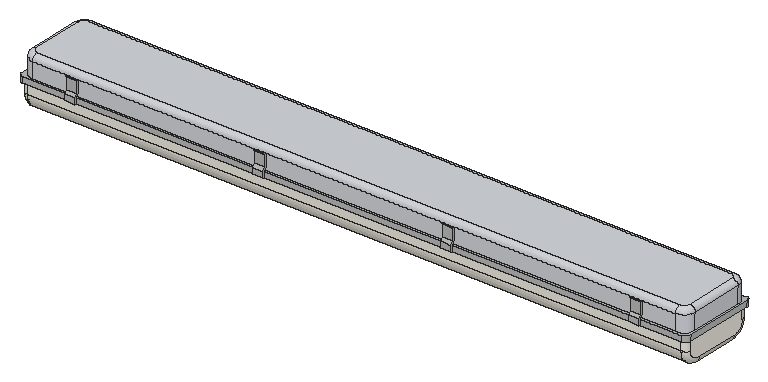
Revit family "АЙСБЕРГ", category Осветительные приборы, Revit 2019 (continued)
Types (8, lengths in mm): name | Файл фотометрической сетки | built-in parameter 1150105 | Lumens | built-in parameter 1150106 | built-in parameter 1150142 | Wattage | ADSK_Ток | ADSK_Полная мощность | ADSK_Обозначение | ADSK_Номинальная мощность | ADSK_Наименование | ADSK_Код изделия
  CSVT Айсберг-38  (IP65, 5000К ) c БАП на 1 час. | "CSVT Iceberg-38.ies" | 358.1 (stored number, unit not read) | 4500 lm | 3.581 (stored number, unit not read) | "IESNA:LM-63-95\r\n[TEST] Протокол № 50\r\n[DATA] 17.06.2016\r\n[MORE] \r\n[MANUFAC] ЗАО \"Центрстройсвет\"\r\n[LUMCAT]  Светильник OPERLUX-34/PRISMA-(588x588) \r\n[LUMINAIRE]\r\n[LAMPCAT] Светодиоды\r\n[LAMP] Поток источника света (светодиодов) не известен\r\n[MORE] КСС приведена в абсолютных величинах кд\r\n[MORE] Вместо потока лампы, указан поток светильника.\r\nTILT=NONE\r\n1    3050 1.0 37 73 1 2 0.588 0.588 0.08\r\n1.0 1.0 34\r\n0.0 5.0 10.0 15.0 20.0 25.0 30.0 35.0 40.0 45.0 50.0 55.0 60.0 65.0 70.0 75.0 80.0 85.0 90.0 95.0 100.0 105.0 110.0 115.0 120.0 125.0 130.0 135.0 140.0 145.0 150.0 155.0 160.0 165.0 170.0 175.0 180.0\r\n0.0 5.0 10.0 15.0 20.0 25.0 30.0 35.0 40.0 45.0 50.0 55.0 60.0 65.0 70.0 75.0 80.0 85.0 90.0 95.0 100.0 105.0 110.0 115.0 120.0 125.0 130.0 135.0 140.0 145.0 150.0 155.0 160.0 165.0 170.0 175.0 180.0 185.0 190.0 195.0 200.0 205.0 210.0 215.0 220.0 225.0 230.0 235.0 240.0 245.0 250.0 255.0 260.0 265.0 270.0 275.0 280.0 285.0 290.0 295.0 300.0 305.0 310.0 315.0 320.0 325.0 330.0 335.0 340.0 345.0 350.0 355.0 360.0\r\n1367.8 1364.1 1339.9 1310.7 1251.0 1171.4 1077.9 956.5 826.9 709.2 591.4 468.7 352.2 267.2 190.7 130.0 88.6 43.5 5.5 0.0 0.0 0.0 0.0 0.0 0.0 0.0 0.0 0.0 0.0 0.0 0.0 0.0 0.0 0.0 0.0 0.0 0.0\r\n1367.8 1365.7 1344.6 1309.2 1251.5 1175.2 1073.4 954.2 830.4 711.2 594.6 469.5 356.0 268.7 191.9 132.6 89.9 43.9 6.3 0.0 0.0 0.0 0.0 0.0 0.0 0.0 0.0 0.0 0.0 0.0 0.0 0.0 0.0 0.0 0.0 0.0 0.0\r\n1367.8 1367.4 1347.2 1302.8 1251.5 1178.6 1078.4 958.6 835.1 714.0 597.2 474.3 359.6 268.7 192.7 135.6 92.1 44.3 6.9 0.0 0.0 0.0 0.0 0.0 0.0 0.0 0.0 0.0 0.0 0.0 0.0 0.0 0.0 0.0 0.0 0.0 0.0\r\n1367.8 1368.2 1346.2 1303.1 1250.1 1177.1 1081.4 960.9 838.1 716.2 597.6 475.0 358.6 266.4 190.9 134.8 91.7 44.9 7.0 0.0 0.0 0.0 0.0 0.0 0.0 0.0 0.0 0.0 0.0 0.0 0.0 0.0 0.0 0.0 0.0 0.0 0.0\r\n1367.8 1367.7 1343.5 1306.2 1256.1 1180.0 1081.0 961.6 838.1 714.0 595.7 473.1 356.8 262.2 188.3 132.8 89.3 43.7 6.6 0.0 0.0 0.0 0.0 0.0 0.0 0.0 0.0 0.0 0.0 0.0 0.0 0.0 0.0 0.0 0.0 0.0 0.0\r\n1367.8 1366.2 1344.8 1309.0 1256.2 1184.6 1080.4 962.6 836.8 714.8 593.8 469.6 354.4 260.1 184.9 130.4 88.4 44.2 6.5 0.0 0.0 0.0 0.0 0.0 0.0 0.0 0.0 0.0 0.0 0.0 0.0 0.0 0.0 0.0 0.0 0.0 0.0\r\n1367.8 1364.3 1347.6 1312.1 1259.9 1177.4 1078.5 968.2 849.1 721.6 596.0 467.2 355.0 257.4 183.3 127.1 87.5 45.4 6.5 0.0 0.0 0.0 0.0 0.0 0.0 0.0 0.0 0.0 0.0 0.0 0.0 0.0 0.0 0.0 0.0 0.0 0.0\r\n1367.8 1363.3 1348.8 1312.0 1262.8 1181.2 1077.4 968.8 853.2 730.0 597.2 466.8 353.5 256.9 181.1 124.8 87.2 45.9 6.9 0.0 0.0 0.0 0.0 0.0 0.0 0.0 0.0 0.0 0.0 0.0 0.0 0.0 0.0 0.0 0.0 0.0 0.0\r\n1367.8 1364.0 1350.3 1308.2 1255.9 1182.2 1079.9 969.0 856.0 734.3 601.1 468.4 352.6 254.4 178.0 121.7 85.5 45.0 6.9 0.0 0.0 0.0 0.0 0.0 0.0 0.0 0.0 0.0 0.0 0.0 0.0 0.0 0.0 0.0 0.0 0.0 0.0\r\n1367.8 1364.9 1349.2 1313.0 1259.2 1178.2 1076.4 970.7 860.9 740.8 606.9 469.1 350.2 254.0 175.6 117.8 83.6 43.4 6.7 0.0 0.0 0.0 0.0 0.0 0.0 0.0 0.0 0.0 0.0 0.0 0.0 0.0 0.0 0.0 0.0 0.0 0.0\r\n1367.8 1365.0 1348.6 1315.3 1261.5 1184.1 1082.6 973.9 862.8 745.2 607.9 469.0 350.5 253.1 173.2 116.2 81.4 42.4 6.5 0.0 0.0 0.0 0.0 0.0 0.0 0.0 0.0 0.0 0.0 0.0 0.0 0.0 0.0 0.0 0.0 0.0 0.0\r\n1367.8 1364.4 1347.9 1315.3 1258.7 1186.3 1085.9 970.5 862.2 747.0 613.0 468.8 350.2 252.8 173.4 116.6 79.8 40.9 6.7 0.0 0.0 0.0 0.0 0.0 0.0 0.0 0.0 0.0 0.0 0.0 0.0 0.0 0.0 0.0 0.0 0.0 0.0\r\n1367.8 1363.4 1347.0 1308.3 1258.6 1184.3 1089.8 973.9 867.7 742.3 606.2 467.0 350.0 252.6 175.4 119.1 79.8 42.1 7.1 0.0 0.0 0.0 0.0 0.0 0.0 0.0 0.0 0.0 0.0 0.0 0.0 0.0 0.0 0.0 0.0 0.0 0.0\r\n1367.8 1362.6 1348.4 1308.2 1261.4 1190.2 1088.3 978.6 869.6 744.0 601.1 462.4 350.2 253.6 175.9 123.0 83.5 45.3 7.8 0.0 0.0 0.0 0.0 0.0 0.0 0.0 0.0 0.0 0.0 0.0 0.0 0.0 0.0 0.0 0.0 0.0 0.0\r\n1367.8 1362.3 1347.3 1311.1 1262.3 1191.1 1093.6 982.5 872.1 746.6 597.2 461.1 348.8 251.4 176.3 127.6 89.2 48.5 7.9 0.0 0.0 0.0 0.0 0.0 0.0 0.0 0.0 0.0 0.0 0.0 0.0 0.0 0.0 0.0 0.0 0.0 0.0\r\n1367.8 1362.5 1345.8 1316.1 1260.6 1190.3 1096.8 982.6 873.3 743.8 593.1 456.4 347.2 250.6 175.7 130.9 94.2 51.8 9.3 0.0 0.0 0.0 0.0 0.0 0.0 0.0 0.0 0.0 0.0 0.0 0.0 0.0 0.0 0.0 0.0 0.0 0.0\r\n1367.8 1363.2 1345.2 1315.5 1267.1 1195.5 1096.1 995.9 871.3 740.3 589.0 455.0 342.8 246.9 174.2 131.9 97.1 52.4 10.1 0.0 0.0 0.0 0.0 0.0 0.0 0.0 0.0 0.0 0.0 0.0 0.0 0.0 0.0 0.0 0.0 0.0 0.0\r\n1367.8 1364.5 1346.0 1317.2 1264.0 1194.7 1102.6 991.8 873.9 736.2 584.7 454.3 338.6 243.0 171.3 130.1 99.3 53.7 9.5 0.0 0.0 0.0 0.0 0.0 0.0 0.0 0.0 0.0 0.0 0.0 0.0 0.0 0.0 0.0 0.0 0.0 0.0\r\n1367.8 1365.9 1346.4 1317.1 1264.0 1198.2 1105.3 994.6 872.6 727.7 582.0 451.8 335.8 239.9 168.3 127.6 100.0 55.8 7.5 0.0 0.0 0.0 0.0 0.0 0.0 0.0 0.0 0.0 0.0 0.0 0.0 0.0 0.0 0.0 0.0 0.0 0.0\r\n1367.8 1366.3 1344.9 1317.5 1265.6 1200.4 1108.2 997.2 868.8 722.7 575.8 446.5 333.1 238.4 167.7 126.3 98.1 56.1 8.8 0.0 0.0 0.0 0.0 0.0 0.0 0.0 0.0 0.0 0.0 0.0 0.0 0.0 0.0 0.0 0.0 0.0 0.0\r\n1367.8 1365.9 1344.0 1313.0 1263.2 1200.6 1104.3 997.0 862.7 720.9 568.5 441.0 331.7 237.8 167.7 126.3 96.7 53.7 9.4 0.0 0.0 0.0 0.0 0.0 0.0 0.0 0.0 0.0 0.0 0.0 0.0 0.0 0.0 0.0 0.0 0.0 0.0\r\n1367.8 1365.3 1346.1 1312.6 1263.0 1198.3 1108.1 995.3 861.6 712.7 563.4 437.4 331.4 236.8 165.9 124.7 95.3 55.2 9.1 0.0 0.0 0.0 0.0 0.0 0.0 0.0 0.0 0.0 0.0 0.0 0.0 0.0 0.0 0.0 0.0 0.0 0.0\r\n1367.8 1364.9 1349.2 1313.0 1262.9 1199.0 1108.3 993.8 855.7 710.3 563.1 435.2 329.9 233.9 163.4 121.6 92.0 55.1 8.8 0.0 0.0 0.0 0.0 0.0 0.0 0.0 0.0 0.0 0.0 0.0 0.0 0.0 0.0 0.0 0.0 0.0 0.0\r\n1367.8 1364.1 1352.0 1313.2 1259.2 1197.0 1104.6 988.6 849.9 704.2 562.4 433.5 327.9 230.5 158.4 116.9 87.6 51.4 7.8 0.0 0.0 0.0 0.0 0.0 0.0 0.0 0.0 0.0 0.0 0.0 0.0 0.0 0.0 0.0 0.0 0.0 0.0\r\n1367.8 1363.0 1349.6 1313.3 1257.8 1193.2 1098.7 980.1 848.0 708.1 565.6 433.4 325.1 228.0 154.2 111.3 83.7 49.7 7.5 0.0 0.0 0.0 0.0 0.0 0.0 0.0 0.0 0.0 0.0 0.0 0.0 0.0 0.0 0.0 0.0 0.0 0.0\r\n1367.8 1361.9 1346.7 1314.1 1256.8 1193.2 1093.6 977.6 847.2 708.6 569.1 434.8 324.5 225.9 151.7 107.5 81.6 48.9 7.3 0.0 0.0 0.0 0.0 0.0 0.0 0.0 0.0 0.0 0.0 0.0 0.0 0.0 0.0 0.0 0.0 0.0 0.0\r\n1367.8 1361.2 1345.0 1309.5 1261.1 1193.3 1089.9 973.2 851.1 709.3 572.7 435.0 323.4 225.4 152.1 105.8 80.4 49.9 7.3 0.0 0.0 0.0 0.0 0.0 0.0 0.0 0.0 0.0 0.0 0.0 0.0 0.0 0.0 0.0 0.0 0.0 0.0\r\n1367.8 1360.5 1345.3 1307.2 1258.6 1186.4 1085.9 974.0 847.9 714.1 575.5 436.8 321.2 223.3 152.0 105.2 79.8 49.6 8.0 0.0 0.0 0.0 0.0 0.0 0.0 0.0 0.0 0.0 0.0 0.0 0.0 0.0 0.0 0.0 0.0 0.0 0.0\r\n1367.8 1360.0 1344.3 1308.1 1257.8 1178.2 1085.3 975.1 848.7 715.2 575.4 439.1 318.7 223.0 150.8 104.3 79.3 49.5 8.2 0.0 0.0 0.0 0.0 0.0 0.0 0.0 0.0 0.0 0.0 0.0 0.0 0.0 0.0 0.0 0.0 0.0 0.0\r\n1367.8 1360.5 1346.2 1311.6 1256.3 1174.7 1082.9 978.6 851.4 710.5 574.9 440.6 317.9 221.6 152.3 106.4 79.3 48.7 8.4 0.0 0.0 0.0 0.0 0.0 0.0 0.0 0.0 0.0 0.0 0.0 0.0 0.0 0.0 0.0 0.0 0.0 0.0\r\n1367.8 1361.9 1350.3 1309.3 1252.2 1172.6 1080.3 970.8 851.2 713.3 570.6 439.7 319.0 222.4 154.5 110.7 81.7 47.4 8.1 0.0 0.0 0.0 0.0 0.0 0.0 0.0 0.0 0.0 0.0 0.0 0.0 0.0 0.0 0.0 0.0 0.0 0.0\r\n1367.8 1363.7 1348.0 1307.6 1253.5 1171.4 1087.1 971.6 851.9 710.7 569.9 438.2 323.8 226.5 159.3 115.4 83.3 45.0 7.6 0.0 0.0 0.0 0.0 0.0 0.0 0.0 0.0 0.0 0.0 0.0 0.0 0.0 0.0 0.0 0.0 0.0 0.0\r\n1367.8 1365.3 1346.4 1312.3 1251.8 1172.7 1086.5 974.6 847.7 705.0 567.7 442.4 326.6 234.0 164.3 120.1 85.8 43.9 7.4 0.0 0.0 0.0 0.0 0.0 0.0 0.0 0.0 0.0 0.0 0.0 0.0 0.0 0.0 0.0 0.0 0.0 0.0\r\n1367.8 1366.2 1347.0 1309.1 1250.4 1170.7 1085.2 978.5 846.6 705.8 567.4 441.3 331.1 236.3 167.7 122.8 88.4 45.0 8.1 0.0 0.0 0.0 0.0 0.0 0.0 0.0 0.0 0.0 0.0 0.0 0.0 0.0 0.0 0.0 0.0 0.0 0.0\r\n1367.8 1366.0 1347.9 1306.2 1240.5 1166.7 1082.2 977.2 844.2 702.8 566.8 442.7 335.1 241.3 169.7 123.7 90.0 45.9 9.2 0.0 0.0 0.0 0.0 0.0 0.0 0.0 0.0 0.0 0.0 0.0 0.0 0.0 0.0 0.0 0.0 0.0 0.0\r\n1367.8 1364.3 1346.5 1311.7 1250.6 1170.3 1080.9 980.5 844.4 703.8 569.8 446.4 334.2 240.3 169.5 121.7 87.9 46.9 9.3 0.0 0.0 0.0 0.0 0.0 0.0 0.0 0.0 0.0 0.0 0.0 0.0 0.0 0.0 0.0 0.0 0.0 0.0\r\n1367.8 1361.6 1341.0 1307.3 1249.6 1169.2 1088.8 980.5 845.1 706.2 571.7 444.8 333.0 238.4 168.9 120.7 87.1 47.8 7.8 0.0 0.0 0.0 0.0 0.0 0.0 0.0 0.0 0.0 0.0 0.0 0.0 0.0 0.0 0.0 0.0 0.0 0.0\r\n1367.8 1359.4 1337.2 1303.3 1252.4 1170.4 1080.4 978.1 841.4 701.4 566.4 444.4 333.5 241.2 169.4 122.2 88.2 47.2 9.5 0.0 0.0 0.0 0.0 0.0 0.0 0.0 0.0 0.0 0.0 0.0 0.0 0.0 0.0 0.0 0.0 0.0 0.0\r\n1367.8 1359.3 1342.6 1310.3 1242.7 1173.0 1078.8 976.3 844.8 702.0 565.3 440.7 332.8 240.9 169.9 123.5 89.5 46.1 9.1 0.0 0.0 0.0 0.0 0.0 0.0 0.0 0.0 0.0 0.0 0.0 0.0 0.0 0.0 0.0 0.0 0.0 0.0\r\n1367.8 1361.3 1345.4 1306.4 1248.2 1167.7 1080.4 980.5 846.8 703.5 567.2 443.4 333.2 240.2 168.7 123.1 88.4 46.2 8.4 0.0 0.0 0.0 0.0 0.0 0.0 0.0 0.0 0.0 0.0 0.0 0.0 0.0 0.0 0.0 0.0 0.0 0.0\r\n1367.8 1364.4 1343.1 1308.2 1251.3 1170.9 1084.2 980.8 848.5 707.7 571.1 445.6 332.7 238.1 167.5 120.7 85.6 44.6 7.7 0.0 0.0 0.0 0.0 0.0 0.0 0.0 0.0 0.0 0.0 0.0 0.0 0.0 0.0 0.0 0.0 0.0 0.0\r\n1367.8 1366.7 1342.9 1310.2 1254.3 1176.8 1087.8 981.7 853.4 711.9 574.2 446.0 329.4 232.8 162.6 116.6 83.7 45.3 8.1 0.0 0.0 0.0 0.0 0.0 0.0 0.0 0.0 0.0 0.0 0.0 0.0 0.0 0.0 0.0 0.0 0.0 0.0\r\n1367.8 1367.7 1346.5 1310.6 1258.1 1183.1 1085.5 978.6 854.1 714.2 577.9 448.7 327.1 229.4 158.3 112.1 82.0 47.9 9.0 0.0 0.0 0.0 0.0 0.0 0.0 0.0 0.0 0.0 0.0 0.0 0.0 0.0 0.0 0.0 0.0 0.0 0.0\r\n1367.8 1367.3 1348.0 1310.6 1262.6 1180.1 1086.5 982.6 856.7 719.8 579.9 448.7 324.7 226.8 155.7 107.8 80.3 50.1 9.5 0.0 0.0 0.0 0.0 0.0 0.0 0.0 0.0 0.0 0.0 0.0 0.0 0.0 0.0 0.0 0.0 0.0 0.0\r\n1367.8 1365.6 1348.6 1309.9 1259.0 1186.0 1089.0 979.4 855.0 722.2 584.2 450.5 325.6 227.6 155.8 107.2 80.5 51.4 9.6 0.0 0.0 0.0 0.0 0.0 0.0 0.0 0.0 0.0 0.0 0.0 0.0 0.0 0.0 0.0 0.0 0.0 0.0\r\n1367.8 1363.3 1347.7 1306.8 1261.1 1190.7 1095.5 982.3 860.8 723.2 585.7 446.3 327.8 230.3 158.2 109.3 81.7 51.4 9.3 0.0 0.0 0.0 0.0 0.0 0.0 0.0 0.0 0.0 0.0 0.0 0.0 0.0 0.0 0.0 0.0 0.0 0.0\r\n1367.8 1361.0 1344.4 1306.7 1264.4 1191.7 1095.0 984.8 858.7 723.1 583.6 444.8 328.4 232.3 158.6 109.9 81.8 51.7 9.0 0.0 0.0 0.0 0.0 0.0 0.0 0.0 0.0 0.0 0.0 0.0 0.0 0.0 0.0 0.0 0.0 0.0 0.0\r\n1367.8 1359.1 1344.3 1308.4 1263.8 1198.1 1102.2 989.8 861.5 721.8 582.8 444.8 331.3 233.7 158.6 111.1 83.0 50.9 8.9 0.0 0.0 0.0 0.0 0.0 0.0 0.0 0.0 0.0 0.0 0.0 0.0 0.0 0.0 0.0 0.0 0.0 0.0\r\n1367.8 1357.8 1346.5 1313.8 1263.6 1192.7 1107.0 996.3 859.5 718.8 579.1 442.9 332.1 234.9 160.7 114.1 84.6 51.0 9.2 0.0 0.0 0.0 0.0 0.0 0.0 0.0 0.0 0.0 0.0 0.0 0.0 0.0 0.0 0.0 0.0 0.0 0.0\r\n1367.8 1357.7 1347.3 1313.2 1264.3 1198.9 1108.1 998.6 864.9 718.7 573.2 441.1 332.1 237.8 164.0 118.2 87.5 52.0 9.8 0.0 0.0 0.0 0.0 0.0 0.0 0.0 0.0 0.0 0.0 0.0 0.0 0.0 0.0 0.0 0.0 0.0 0.0\r\n1367.8 1358.5 1346.9 1313.1 1266.5 1195.6 1112.2 1002.8 870.4 722.5 574.7 443.8 335.7 239.1 166.4 121.6 91.2 55.8 10.9 0.0 0.0 0.0 0.0 0.0 0.0 0.0 0.0 0.0 0.0 0.0 0.0 0.0 0.0 0.0 0.0 0.0 0.0\r\n1367.8 1359.8 1344.7 1312.9 1269.5 1203.1 1107.5 1002.6 874.5 724.4 574.3 444.8 335.5 240.3 169.6 124.4 94.2 56.9 11.6 0.0 0.0 0.0 0.0 0.0 0.0 0.0 0.0 0.0 0.0 0.0 0.0 0.0 0.0 0.0 0.0 0.0 0.0\r\n1367.8 1361.7 1344.5 1316.7 1266.1 1199.3 1111.1 1004.7 879.7 733.6 577.6 446.7 337.8 241.2 168.7 126.0 96.3 56.5 11.7 0.0 0.0 0.0 0.0 0.0 0.0 0.0 0.0 0.0 0.0 0.0 0.0 0.0 0.0 0.0 0.0 0.0 0.0\r\n1367.8 1363.9 1346.7 1316.2 1265.7 1198.1 1117.1 1006.7 882.1 737.2 586.5 450.4 338.9 242.3 167.8 125.5 98.6 58.1 10.5 0.0 0.0 0.0 0.0 0.0 0.0 0.0 0.0 0.0 0.0 0.0 0.0 0.0 0.0 0.0 0.0 0.0 0.0\r\n1367.8 1365.2 1345.4 1319.5 1265.7 1198.8 1109.1 1003.5 876.9 742.6 589.1 456.4 341.1 242.1 167.5 126.8 100.2 57.9 8.8 0.0 0.0 0.0 0.0 0.0 0.0 0.0 0.0 0.0 0.0 0.0 0.0 0.0 0.0 0.0 0.0 0.0 0.0\r\n1367.8 1365.0 1345.2 1312.9 1265.8 1199.0 1109.7 999.6 877.6 742.6 595.8 457.7 342.1 245.3 170.4 128.5 99.0 56.9 11.0 0.0 0.0 0.0 0.0 0.0 0.0 0.0 0.0 0.0 0.0 0.0 0.0 0.0 0.0 0.0 0.0 0.0 0.0\r\n1367.8 1364.1 1347.9 1311.6 1271.1 1195.3 1102.7 998.9 881.1 745.5 597.2 460.9 345.1 248.6 174.0 129.7 96.5 55.6 11.2 0.0 0.0 0.0 0.0 0.0 0.0 0.0 0.0 0.0 0.0 0.0 0.0 0.0 0.0 0.0 0.0 0.0 0.0\r\n1367.8 1363.0 1347.3 1314.0 1269.6 1192.3 1104.9 991.5 878.3 748.8 603.5 463.3 348.1 251.3 177.2 130.4 94.2 55.0 10.3 0.0 0.0 0.0 0.0 0.0 0.0 0.0 0.0 0.0 0.0 0.0 0.0 0.0 0.0 0.0 0.0 0.0 0.0\r\n1367.8 1362.4 1346.2 1314.7 1264.3 1194.7 1094.8 992.0 878.4 749.1 608.2 465.6 349.4 252.9 177.2 127.6 90.1 51.7 8.7 0.0 0.0 0.0 0.0 0.0 0.0 0.0 0.0 0.0 0.0 0.0 0.0 0.0 0.0 0.0 0.0 0.0 0.0\r\n1367.8 1362.7 1348.0 1314.5 1265.5 1196.6 1094.9 983.4 872.0 752.6 609.3 469.0 352.6 254.1 177.1 125.0 85.8 47.2 8.1 0.0 0.0 0.0 0.0 0.0 0.0 0.0 0.0 0.0 0.0 0.0 0.0 0.0 0.0 0.0 0.0 0.0 0.0\r\n1367.8 1362.9 1347.6 1317.1 1264.6 1191.1 1090.4 981.6 868.8 748.7 612.1 472.2 352.0 253.6 176.2 121.4 83.1 43.4 6.9 0.0 0.0 0.0 0.0 0.0 0.0 0.0 0.0 0.0 0.0 0.0 0.0 0.0 0.0 0.0 0.0 0.0 0.0\r\n1367.8 1362.5 1343.6 1318.7 1268.8 1192.3 1085.5 974.5 866.1 750.5 612.3 472.0 350.7 253.1 174.7 119.5 83.2 43.3 6.3 0.0 0.0 0.0 0.0 0.0 0.0 0.0 0.0 0.0 0.0 0.0 0.0 0.0 0.0 0.0 0.0 0.0 0.0\r\n1367.8 1362.1 1341.3 1317.3 1267.8 1185.0 1082.2 972.1 864.2 747.6 611.4 473.0 350.1 254.2 174.7 118.9 84.4 45.4 6.1 0.0 0.0 0.0 0.0 0.0 0.0 0.0 0.0 0.0 0.0 0.0 0.0 0.0 0.0 0.0 0.0 0.0 0.0\r\n1367.8 1362.2 1343.6 1308.9 1260.0 1189.4 1084.9 971.7 859.6 740.4 606.9 470.8 351.4 253.9 176.6 120.3 86.5 45.9 6.5 0.0 0.0 0.0 0.0 0.0 0.0 0.0 0.0 0.0 0.0 0.0 0.0 0.0 0.0 0.0 0.0 0.0 0.0\r\n1367.8 1363.0 1342.9 1314.5 1263.9 1184.9 1081.6 971.9 853.4 735.2 605.3 467.7 352.3 254.8 180.1 122.7 87.8 46.6 6.8 0.0 0.0 0.0 0.0 0.0 0.0 0.0 0.0 0.0 0.0 0.0 0.0 0.0 0.0 0.0 0.0 0.0 0.0\r\n1367.8 1364.3 1340.2 1313.1 1261.0 1182.5 1084.4 971.4 852.3 730.7 600.0 466.2 354.3 255.8 181.2 124.6 88.4 46.8 6.6 0.0 0.0 0.0 0.0 0.0 0.0 0.0 0.0 0.0 0.0 0.0 0.0 0.0 0.0 0.0 0.0 0.0 0.0\r\n1367.8 1365.9 1343.5 1308.2 1258.3 1181.3 1083.1 966.4 845.6 721.0 594.9 467.0 352.2 259.1 183.4 126.7 88.1 45.4 6.1 0.0 0.0 0.0 0.0 0.0 0.0 0.0 0.0 0.0 0.0 0.0 0.0 0.0 0.0 0.0 0.0 0.0 0.0\r\n1367.8 1366.3 1345.1 1308.7 1254.7 1177.8 1080.9 969.9 838.6 714.9 593.4 465.7 351.7 258.6 185.5 129.6 88.1 44.0 5.9 0.0 0.0 0.0 0.0 0.0 0.0 0.0 0.0 0.0 0.0 0.0 0.0 0.0 0.0 0.0 0.0 0.0 0.0\r\n1367.8 1364.5 1343.2 1306.3 1248.4 1177.3 1082.4 962.7 833.3 713.0 595.0 468.9 352.8 260.9 187.3 132.3 88.7 43.5 6.0 0.0 0.0 0.0 0.0 0.0 0.0 0.0 0.0 0.0 0.0 0.0 0.0 0.0 0.0 0.0 0.0 0.0 0.0\r\n1367.8 1362.4 1346.0 1305.7 1255.8 1170.9 1078.4 956.8 832.7 709.6 592.6 470.6 355.6 263.8 189.2 133.7 90.3 44.0 6.3 0.0 0.0 0.0 0.0 0.0 0.0 0.0 0.0 0.0 0.0 0.0 0.0 0.0 0.0 0.0 0.0 0.0 0.0\r\n1367.8 1362.0 1346.8 1311.0 1252.6 1177.3 1074.5 958.3 825.6 709.7 591.0 467.7 356.3 264.6 188.4 133.0 90.3 43.3 6.2 0.0 0.0 0.0 0.0 0.0 0.0 0.0 0.0 0.0 0.0 0.0 0.0 0.0 0.0 0.0 0.0 0.0 0.0\r\n1367.8 1363.0 1341.5 1311.3 1242.3 1175.5 1082.4 953.9 818.8 707.4 591.0 466.6 352.5 265.4 188.6 130.9 89.0 43.1 6.3 0.0 0.0 0.0 0.0 0.0 0.0 0.0 0.0 0.0 0.0 0.0 0.0 0.0 0.0 0.0 0.0 0.0 0.0\r\n1367.8 1364.1 1339.9 1310.7 1251.0 1171.4 1077.9 956.5 826.9 709.2 591.4 468.7 352.2 267.2 190.7 130.0 88.6 43.5 5.5 0.0 0.0 0.0 0.0 0.0 0.0 0.0 0.0 0.0 0.0 0.0 0.0 0.0 0.0 0.0 0.0 0.0 0.0\r\n" | 30.2945 W | 0.179584 A | 41.3043 VA | "CSVT Айсберг-38 (IP65, 5000К )" | 38 W | "Светодиодный пылевлагозащищенный светильник CSVT Айсберг-38  (IP65, 5000К ) c БАП на 1 час" | "ЦБ000003061"
